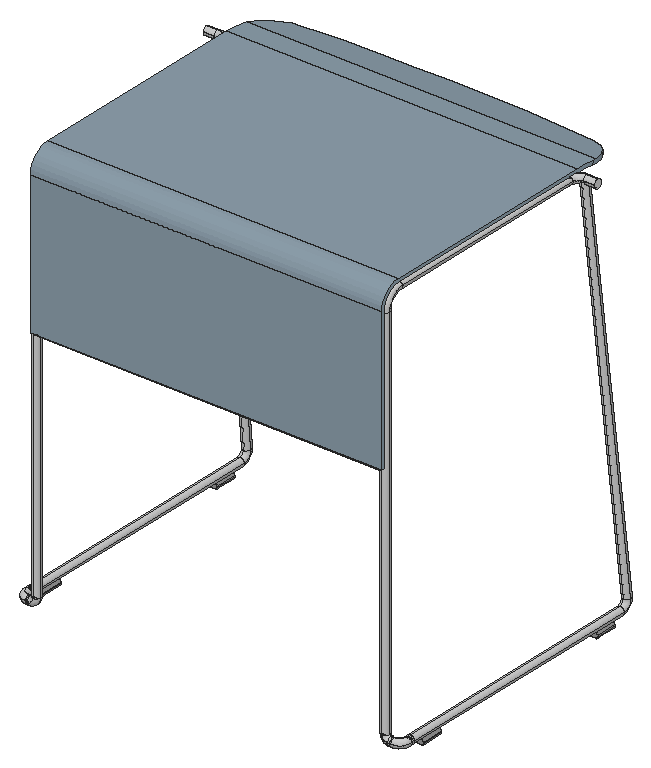
Revit family "FU_Table_Sandler_HDS Desk 24", category Furniture, Revit 2020
Family settings
  OmniClass Number = 23.40.20.00
  OmniClass Title = General Furniture and Specialties
  Work Plane-Based = No
  Always vertical = Yes
  Cut with Voids When Loaded = No
  Shared = No
  Room Calculation Point = No
Parameters (values of type "HDS Desk24")
  Width = 690 mm
  URL = "https://www.sandlerseating.com/product/hds-desk24/"
  Model = "HDS Desk24"
  Manufacturer = "Sandler"
  Height = 730 mm
  Frame [instance] = Metal - Chrome - Polished
  Top [instance] = POLYOLEFIN - Blue Grey
  Description = "HDS High Density Stacking Desk with metal frame and tops in HPL Laminate, Fenix Laminate or Natural Oak or Walnut. The desk stacks up to 30 on a trolley"
  Depth = 540 mm
  Default Elevation = 0 mm
Reference planes
  plane 1 "Center (Front/Back)": y = 0
  plane 2: z = 0
  plane 3 "Center (Left/Right)": x = 0
  plane 4 "Right": x = -345
  plane 5 "Left": x = 345
  plane 6 "Front": y = -270
  plane 7 "Back": y = 270
  plane 8: z = 730
  plane 9 "Top Right Edge": x = -309.433
  plane 10 "bottom Edge Top": z = 444.756
  plane 11 "frame base": z = 14.598
  plane 12 "back leg tilt": through (323.138, -1524, 699.503) normal (0.9998, 0, 0.0175)
  plane 13 "frame top center RIGHT": z = 719.878
  plane 14: through (4267.2, 237.061, 44.053) normal (0, -0.9938, -0.1116)
  plane 15 "front leg C Right": y = -259.951
  plane 16 "Front leg left": x = 307.37
  plane 17: y = 161.579
  plane 18: z = 24.914
  plane 19 "base frame c TOP": x = 335.221
Forms (mm)
  Sweep 1, solid, material "POLYOLEFIN - Blue Grey" <- "Top"
    path origin (0, -270, 0) x (-1, 0, 0) y (0, 0, 1)
      loop
        line (309.433, 444.756) -> (-309.42, 444.756)
    profile "Pro HDS top : Pro HDS top" origin (-0.007, -270, 444.756) x (0, 0, -1) y (0, 1, 0)
      loop
        line (0, 0) -> (0, 5.816) -> (-248.208, 5.816)
        arc (-248.208, 5.816) -> (-270.56, 15.075) -> (-279.819, 37.428) r 31.611
        line (-279.819, 37.428) -> (-279.819, 425.802)
        arc (-279.819, 425.802) -> (-279.274, 449.826) -> (-276.303, 473.671) r 237.514
        arc (-276.303, 473.671) -> (-269.969, 506.325) -> (-262.523, 538.742) r 973.924
        line (-262.523, 538.742) -> (-268.265, 540.165)
        arc (-268.265, 540.165) -> (-275.912, 507.042) -> (-282.398, 473.671) r 973.924
        arc (-282.398, 473.671) -> (-285.103, 453.128) -> (-286.007, 432.428) r 237.514
        line (-286.007, 432.428) -> (-286.007, 36.5)
        arc (-286.007, 36.5) -> (-275.316, 10.691) -> (-249.507, 0) r 36.5
        line (-249.507, 0) -> (0, 0)
  Extrusion 2, void
    sketch origin (0, 0, 0) x (1, 0, 0) y (0, 1, 0)
      loop
        arc (-309.433, 179.737) -> (-307.63, 205.776) -> (-297.836, 229.97) r 83.075
        arc (-297.836, 229.97) -> (-280.35, 248.371) -> (-256.739, 257.69) r 58.818
        arc (-256.739, 257.69) -> (-222.029, 262.284) -> (-187.122, 265.007) r 652.14
        arc (-187.122, 265.007) -> (-93.597, 268.875) -> (0, 270.165) r 3397.089
        arc (0, 270.165) -> (93.597, 268.875) -> (187.122, 265.007) r 3397.089
        arc (187.122, 265.007) -> (222.029, 262.284) -> (256.739, 257.69) r 652.14
        arc (256.739, 257.69) -> (280.35, 248.371) -> (297.836, 229.97) r 58.818
        arc (297.836, 229.97) -> (307.63, 205.776) -> (309.433, 179.737) r 83.075
        line (309.433, 179.737) -> (419.433, 179.737) -> (419.433, 360) -> (0, 360) -> (-419.433, 360) -> (-419.433, 179.737) -> (-309.433, 179.737)
    from 681.006 to 767.108
  Sweep 3, solid, material "Metal - Chrome - Polished" <- "Frame"
    path in 3D
      loop
        line (322.808, 160, 718.424) -> (334.802, 237.2, 31.273)
        arc (334.802, 237.2, 31.273) -> (335.006, 233.477, 19.603) -> (335.093, 222.294, 14.601) r 15
        line (335.093, 222.294, 14.601) -> (335.093, -244.893, 14.601)
    profile "Profile_Circles : 14mm" origin (328.805, 198.6, 374.848) x (-0.001948, 0.99375, 0.111611) y (0.999848, 0, 0.017452)
      loop
        arc (0, 7.006) -> (-4.954, 4.955) -> (-7.003, 0) r 7
        arc (-7.003, 0) -> (-4.948, -4.949) -> (0.004, -6.994) r 7
        arc (0.004, -6.994) -> (4.949, -4.941) -> (6.997, 0.007) r 7
        arc (6.997, 0.007) -> (4.947, 4.955) -> (0, 7.006) r 7
  Sweep 4, solid, material "Metal - Chrome - Polished" <- "Frame"
    path in 3D
      loop
        line (307.37, 143.457, 719.878) -> (307.37, -231.951, 719.878)
        arc (307.37, -231.951, 719.878) -> (307.37, -251.75, 711.677) -> (307.37, -259.951, 691.878) r 28
        line (307.37, -259.951, 691.878) -> (307.37, -259.951, 24.914)
    profile "Profile_Circles : 14mm" origin (307.37, -44.247, 719.878) x (0, 0, -1) y (1, 0, 0)
      loop
        arc (0, 7.006) -> (-4.954, 4.955) -> (-7.003, 0) r 7
        arc (-7.003, 0) -> (-4.948, -4.949) -> (0.004, -6.994) r 7
        arc (0.004, -6.994) -> (4.949, -4.941) -> (6.997, 0.007) r 7
        arc (6.997, 0.007) -> (4.947, 4.955) -> (0, 7.006) r 7
  Sweep 5, solid, material "Metal - Chrome - Polished" <- "Frame"
    path in 3D
      loop
        line (345, 161.579, 719.878) -> (325.355, 161.579, 719.878)
        arc (325.355, 161.579, 719.878) -> (312.638, 156.311, 719.878) -> (307.37, 143.594, 719.878) r 17.985
        line (307.37, 143.594, 719.878) -> (307.37, 142.091, 719.878)
    profile "Profile_Circles : 14mm" origin (335.178, 161.579, 719.878) x (0, -1, 0) y (0, 0, 1)
      loop
        arc (0, 7.006) -> (-4.954, 4.955) -> (-7.003, 0) r 7
        arc (-7.003, 0) -> (-4.948, -4.949) -> (0.004, -6.994) r 7
        arc (0.004, -6.994) -> (4.949, -4.941) -> (6.997, 0.007) r 7
        arc (6.997, 0.007) -> (4.947, 4.955) -> (0, 7.006) r 7
  Sweep 6, solid, material "Metal - Chrome - Polished" <- "Frame"
    path origin (0, -259.951, 0) x (0, 0, -1) y (1, 0, 0)
      loop
        line (-444.756, -307.407) -> (-444.756, 307.393)
    profile "Profile_Circles : 14mm" origin (-0.007, -259.951, 444.756) x (0, 0, 1) y (0, -1, 0)
      loop
        arc (0, 7.006) -> (-4.954, 4.955) -> (-7.003, 0) r 7
        arc (-7.003, 0) -> (-4.948, -4.949) -> (0.004, -6.994) r 7
        arc (0.004, -6.994) -> (4.949, -4.941) -> (6.997, 0.007) r 7
        arc (6.997, 0.007) -> (4.947, 4.955) -> (0, 7.006) r 7
  Sweep 7, solid, material "Metal - Chrome - Polished" <- "Frame"
    path origin (0, 0, 14.598) x (0, -1, 0) y (1, 0, 0)
      loop
        arc (259.951, 321.221) -> (255.85, 331.121) -> (245.951, 335.221) r 14
        line (245.951, 335.221) -> (239.951, 335.221)
    profile "Profile_Circles : 14mm" origin (335.221, -242.951, 14.598) x (-1, 0, 0) y (0, 0, 1)
      loop
        arc (0, 7.006) -> (-4.954, 4.955) -> (-7.003, 0) r 7
        arc (-7.003, 0) -> (-4.948, -4.949) -> (0.004, -6.994) r 7
        arc (0.004, -6.994) -> (4.949, -4.941) -> (6.997, 0.007) r 7
        arc (6.997, 0.007) -> (4.947, 4.955) -> (0, 7.006) r 7
  Sweep 8, solid, material "Metal - Chrome - Polished" <- "Frame"
    path origin (0, -259.951, 0) x (0, 0, -1) y (1, 0, 0)
      loop
        line (-26.62, 307.377) -> (-24.62, 307.377)
        arc (-24.62, 307.377) -> (-17.549, 310.306) -> (-14.62, 317.377) r 10
        line (-14.62, 317.377) -> (-14.62, 321.296)
    profile "Profile_Circles : 14mm" origin (307.377, -259.951, 25.62) x (1, 0, 0) y (0, -1, 0)
      loop
        arc (0, 7.006) -> (-4.954, 4.955) -> (-7.003, 0) r 7
        arc (-7.003, 0) -> (-4.948, -4.949) -> (0.004, -6.994) r 7
        arc (0.004, -6.994) -> (4.949, -4.941) -> (6.997, 0.007) r 7
        arc (6.997, 0.007) -> (4.947, 4.955) -> (0, 7.006) r 7
  Sweep 9, solid, material "Metal - Chrome - Polished" <- "Frame"
    path in 3D
      loop
        line (-322.808, 160, 718.424) -> (-334.802, 237.2, 31.273)
        arc (-334.802, 237.2, 31.273) -> (-335.006, 233.477, 19.603) -> (-335.093, 222.294, 14.601) r 15
        line (-335.093, 222.294, 14.601) -> (-335.093, -244.893, 14.601)
    profile "Profile_Circles : 14mm" origin (-328.805, 198.6, 374.848) x (-0.001948, -0.99375, -0.111611) y (-0.999848, 0, 0.017452)
      loop
        arc (0, 7.006) -> (-4.954, 4.955) -> (-7.003, 0) r 7
        arc (-7.003, 0) -> (-4.948, -4.949) -> (0.004, -6.994) r 7
        arc (0.004, -6.994) -> (4.949, -4.941) -> (6.997, 0.007) r 7
        arc (6.997, 0.007) -> (4.947, 4.955) -> (0, 7.006) r 7
  Sweep 10, solid, material "Metal - Chrome - Polished" <- "Frame"
    path in 3D
      loop
        line (-307.37, 143.457, 719.878) -> (-307.37, -231.951, 719.878)
        arc (-307.37, -231.951, 719.878) -> (-307.37, -251.75, 711.677) -> (-307.37, -259.951, 691.878) r 28
        line (-307.37, -259.951, 691.878) -> (-307.37, -259.951, 24.914)
    profile "Profile_Circles : 14mm" origin (-307.37, -44.247, 719.878) x (0, 0, 1) y (-1, 0, 0)
      loop
        arc (0, 7.006) -> (-4.954, 4.955) -> (-7.003, 0) r 7
        arc (-7.003, 0) -> (-4.948, -4.949) -> (0.004, -6.994) r 7
        arc (0.004, -6.994) -> (4.949, -4.941) -> (6.997, 0.007) r 7
        arc (6.997, 0.007) -> (4.947, 4.955) -> (0, 7.006) r 7
  Sweep 11, solid, material "Metal - Chrome - Polished" <- "Frame"
    path in 3D
      loop
        line (-345, 161.579, 719.878) -> (-325.355, 161.579, 719.878)
        arc (-325.355, 161.579, 719.878) -> (-312.638, 156.311, 719.878) -> (-307.37, 143.594, 719.878) r 17.985
        line (-307.37, 143.594, 719.878) -> (-307.37, 142.091, 719.878)
    profile "Profile_Circles : 14mm" origin (-335.178, 161.579, 719.878) x (0, 1, 0) y (0, 0, 1)
      loop
        arc (0, 7.006) -> (-4.954, 4.955) -> (-7.003, 0) r 7
        arc (-7.003, 0) -> (-4.948, -4.949) -> (0.004, -6.994) r 7
        arc (0.004, -6.994) -> (4.949, -4.941) -> (6.997, 0.007) r 7
        arc (6.997, 0.007) -> (4.947, 4.955) -> (0, 7.006) r 7
  Sweep 12, solid, material "Metal - Chrome - Polished" <- "Frame"
    path origin (0, 0, 14.598) x (0, -1, 0) y (-1, 0, 0)
      loop
        arc (259.951, 321.221) -> (255.85, 331.121) -> (245.951, 335.221) r 14
        line (245.951, 335.221) -> (239.951, 335.221)
    profile "Profile_Circles : 14mm" origin (-335.221, -242.951, 14.598) x (-1, 0, 0) y (0, 0, 1)
      loop
        arc (0, 7.006) -> (-4.947, 4.955) -> (-6.997, 0.007) r 7
        arc (-6.997, 0.007) -> (-4.949, -4.941) -> (-0.004, -6.994) r 7
        arc (-0.004, -6.994) -> (4.948, -4.949) -> (7.003, 0) r 7
        arc (7.003, 0) -> (4.954, 4.955) -> (0, 7.006) r 7
  Sweep 13, solid, material "Metal - Chrome - Polished" <- "Frame"
    path origin (0, -259.951, 0) x (0, 0, -1) y (-1, 0, 0)
      loop
        line (-26.62, 307.377) -> (-24.62, 307.377)
        arc (-24.62, 307.377) -> (-17.549, 310.306) -> (-14.62, 317.377) r 10
        line (-14.62, 317.377) -> (-14.62, 321.296)
    profile "Profile_Circles : 14mm" origin (-307.377, -259.951, 25.62) x (1, 0, 0) y (0, -1, 0)
      loop
        arc (0, 7.006) -> (-4.947, 4.955) -> (-6.997, 0.007) r 7
        arc (-6.997, 0.007) -> (-4.949, -4.941) -> (-0.004, -6.994) r 7
        arc (-0.004, -6.994) -> (4.948, -4.949) -> (7.003, 0) r 7
        arc (7.003, 0) -> (4.954, 4.955) -> (0, 7.006) r 7
  Extrusion 14, solid, material "Rubber, Black"
    sketch origin (4.153, -259.951, 0) x (0, 0, -1) y (1, 0, 0)
      loop
        arc (-2.168, 323.337) -> (-0.635, 323.972) -> (0, 325.505) r 2.168
        line (0, 325.505) -> (0, 336.632)
        arc (0, 336.632) -> (-0.639, 338.176) -> (-2.182, 338.815) r 2.182
        line (-2.182, 338.815) -> (-4.342, 338.815) -> (-10.782, 336.066) -> (-10.782, 326.08) -> (-4.342, 323.337) -> (-2.168, 323.337)
    from -77.904 to -39.513
  Extrusion 15, solid, material "Rubber, Black"
    sketch origin (4.153, 259.951, 0) x (0, 0, -1) y (-1, 0, 0)
      loop
        line (-2.168, -323.337) -> (-4.342, -323.337) -> (-10.782, -326.08) -> (-10.782, -336.066) -> (-4.342, -338.815) -> (-2.182, -338.815)
        arc (-2.182, -338.815) -> (-0.639, -338.176) -> (0, -336.632) r 2.182
        line (0, -336.632) -> (0, -325.505)
        arc (0, -325.505) -> (-0.635, -323.972) -> (-2.168, -323.337) r 2.168
    from -97.115 to -58.724
  Extrusion 16, solid, material "Rubber, Black"
    sketch origin (-4.153, -259.951, 0) x (0, 0, -1) y (1, 0, 0)
      loop
        line (-2.168, -323.337) -> (-4.342, -323.337) -> (-10.782, -326.08) -> (-10.782, -336.066) -> (-4.342, -338.815) -> (-2.182, -338.815)
        arc (-2.182, -338.815) -> (-0.639, -338.176) -> (0, -336.632) r 2.182
        line (0, -336.632) -> (0, -325.505)
        arc (0, -325.505) -> (-0.635, -323.972) -> (-2.168, -323.337) r 2.168
    from -77.904 to -39.513
  Extrusion 17, solid, material "Rubber, Black"
    sketch origin (-4.153, 259.951, 0) x (0, 0, -1) y (-1, 0, 0)
      loop
        arc (-2.168, 323.337) -> (-0.635, 323.972) -> (0, 325.505) r 2.168
        line (0, 325.505) -> (0, 336.632)
        arc (0, 336.632) -> (-0.639, 338.176) -> (-2.182, 338.815) r 2.182
        line (-2.182, 338.815) -> (-4.342, 338.815) -> (-10.782, 336.066) -> (-10.782, 326.08) -> (-4.342, 323.337) -> (-2.168, 323.337)
    from -97.115 to -58.724
Cuts and joins
  Extrusion 2 cuts Sweep 1
Lines and regions (mm)
  sketch lines
    curve 1: line (322.808, 160, 718.424) -> (334.802, 237.2, 31.273)
    curve 2: arc (335.093, 222.294, 14.601) -> (335.006, 233.477, 19.603) -> (334.802, 237.2, 31.273) r 15
    curve 3: line (335.093, 222.294, 14.601) -> (335.093, -244.893, 14.601)
    curve 4: line (307.37, 143.457, 719.878) -> (307.37, -231.951, 719.878)
    curve 5: arc (307.37, -259.951, 691.878) -> (307.37, -251.75, 711.677) -> (307.37, -231.951, 719.878) r 28
    curve 6: line (307.37, -259.951, 691.878) -> (307.37, -259.951, 24.914)
    curve 7: line (345, 161.579, 719.878) -> (325.355, 161.579, 719.878)
    curve 8: arc (325.355, 161.579, 719.878) -> (312.638, 156.311, 719.878) -> (307.37, 143.594, 719.878) r 17.985
    curve 9: line (307.37, 143.594, 719.878) -> (307.37, 142.091, 719.878)
    curve 10: line (-322.808, 160, 718.424) -> (-334.802, 237.2, 31.273)
    curve 11: arc (-335.093, 222.294, 14.601) -> (-335.006, 233.477, 19.603) -> (-334.802, 237.2, 31.273) r 15
    curve 12: line (-335.093, 222.294, 14.601) -> (-335.093, -244.893, 14.601)
    curve 13: line (-307.37, 143.457, 719.878) -> (-307.37, -231.951, 719.878)
    curve 14: arc (-307.37, -259.951, 691.878) -> (-307.37, -251.75, 711.677) -> (-307.37, -231.951, 719.878) r 28
    curve 15: line (-307.37, -259.951, 691.878) -> (-307.37, -259.951, 24.914)
    curve 16: line (-345, 161.579, 719.878) -> (-325.355, 161.579, 719.878)
    curve 17: arc (-325.355, 161.579, 719.878) -> (-312.638, 156.311, 719.878) -> (-307.37, 143.594, 719.878) r 17.985
    curve 18: line (-307.37, 143.594, 719.878) -> (-307.37, 142.091, 719.878)
Dimensions and locks
  equal spacing: plane 4 "Right", plane 3 "Center (Left/Right)", plane 5 "Left"
  "Width": plane 4 "Right" to plane 5 "Left"
  equal spacing: plane 7 "Back", plane 1 "Center (Front/Back)", plane 6 "Front"
  "Depth": plane 7 "Back" to plane 6 "Front"
  "Height": plane 8 to level
  aligned and locked: level to plane 2
Automatic sketch dimensions
  Sweep 1 sketch curve to plane 10 "bottom Edge Top" = 0 mm
  plane 9 "Top Right Edge" to Sweep 1 sketch curve = 0 mm
  plane 16 "Front leg left" to Sweep 1 sketch curve = 2.05 mm
  Extrusion 2 sketch curve to Extrusion 2 sketch curve = 0 mm  (x5)
  Extrusion 2 sketch curve to plane 9 "Top Right Edge" = 0 mm
  Extrusion 2 sketch curve to plane 3 "Center (Left/Right)" = 0 mm  (x2)
  Extrusion 2 sketch curve to plane 4 "Right" = 74.433 mm
  Extrusion 2 sketch curve to plane 9 "Top Right Edge" = 61.973 mm
  Extrusion 2 sketch curve to Extrusion 2 sketch curve = 20.776 mm  (x2)
  Extrusion 2 sketch curve to plane 6 "Front" = 116.284 mm  (x2)
  Extrusion 2 sketch curve to plane 3 "Center (Left/Right)" = 153.861 mm
  Extrusion 2 sketch curve to plane 16 "Front leg left" = 153.509 mm
  Extrusion 2 sketch curve to plane 17 = 25.509 mm  (x2)
  Extrusion 2 sketch curve to plane 16 "Front leg left" = 80.686 mm
  plane 16 "Front leg left" to Extrusion 2 sketch curve = 2.063 mm
  Extrusion 2 sketch curve to plane 17 = 18.158 mm  (x2)
  plane 5 "Left" to Extrusion 2 sketch curve = 74.433 mm
  Extrusion 2 sketch curve to Extrusion 2 sketch curve = 2740.64 mm
  Extrusion 2 sketch curve to Extrusion 2 sketch curve = 12.521 mm  (x2)
  plane 7 "Back" to Extrusion 2 sketch curve = 90 mm
  Extrusion 2 sketch curve to plane 7 "Back" = 4.993 mm  (x2)
  Sweep 6 sketch curve to plane 10 "bottom Edge Top" = 0 mm
  Sweep 6 sketch curve to plane 9 "Top Right Edge" = 2.027 mm
  plane 16 "Front leg left" to Sweep 6 sketch curve = 0.023 mm
  Sweep 7 sketch curve to plane 19 "base frame c TOP" = 0 mm
  plane 15 "front leg C Right" to Sweep 7 sketch curve = 0 mm
  Sweep 7 sketch curve to plane 15 "front leg C Right" = 14 mm
  Sweep 7 sketch curve to Sweep 7 sketch curve = 6 mm
  Sweep 8 sketch curve to plane 18 = 0.293 mm
  plane 11 "frame base" to Sweep 8 sketch curve = 0.022 mm
  plane 16 "Front leg left" to Sweep 8 sketch curve = 0.007 mm
  plane 18 to Sweep 8 sketch curve = 1.707 mm
  Sweep 8 sketch curve to Sweep 8 sketch curve = 3.919 mm
  plane 15 "front leg C Right" to Sweep 12 sketch curve = 0 mm
  Sweep 12 sketch curve to plane 4 "Right" = 9.779 mm
  plane 15 "front leg C Right" to Sweep 12 sketch curve = 14 mm
  Sweep 12 sketch curve to Sweep 12 sketch curve = 6 mm
  plane 18 to Sweep 13 sketch curve = 0.293 mm
  Sweep 13 sketch curve to plane 11 "frame base" = 0.022 mm
  plane 9 "Top Right Edge" to Sweep 13 sketch curve = 2.057 mm
  Sweep 13 sketch curve to plane 18 = 1.707 mm
  Sweep 13 sketch curve to Sweep 13 sketch curve = 3.919 mm
  Extrusion 14 sketch curve to level = 0 mm
  level to Extrusion 14 sketch curve = 2.168 mm
  level to Extrusion 14 sketch curve = 2.182 mm
  Extrusion 14 sketch curve to Extrusion 14 sketch curve = 2.174 mm
  Extrusion 14 sketch curve to plane 5 "Left" = 2.032 mm
  Extrusion 14 sketch curve to Extrusion 14 sketch curve = 2.16 mm
  Extrusion 14 sketch curve to plane 11 "frame base" = 3.816 mm
  Extrusion 14 sketch curve to plane 5 "Left" = 4.781 mm
  Extrusion 14 sketch curve to plane 19 "base frame c TOP" = 4.989 mm
  Extrusion 14 sketch curve to plane 19 "base frame c TOP" = 5.564 mm
  Extrusion 15 sketch curve to level = 0 mm
  level to Extrusion 15 sketch curve = 2.168 mm
  level to Extrusion 15 sketch curve = 2.182 mm
  Extrusion 15 sketch curve to Extrusion 15 sketch curve = 2.174 mm
  Extrusion 15 sketch curve to plane 5 "Left" = 2.032 mm
  Extrusion 15 sketch curve to Extrusion 15 sketch curve = 2.16 mm
  Extrusion 15 sketch curve to plane 11 "frame base" = 3.816 mm
  Extrusion 15 sketch curve to plane 5 "Left" = 4.781 mm
  Extrusion 15 sketch curve to plane 19 "base frame c TOP" = 4.989 mm
  Extrusion 15 sketch curve to plane 19 "base frame c TOP" = 5.564 mm
  Extrusion 16 sketch curve to level = 0 mm
  level to Extrusion 16 sketch curve = 2.168 mm
  level to Extrusion 16 sketch curve = 2.182 mm
  Extrusion 16 sketch curve to Extrusion 16 sketch curve = 2.174 mm
  plane 4 "Right" to Extrusion 16 sketch curve = 2.032 mm
  Extrusion 16 sketch curve to Extrusion 16 sketch curve = 2.16 mm
  Extrusion 16 sketch curve to plane 11 "frame base" = 3.816 mm
  plane 4 "Right" to Extrusion 16 sketch curve = 4.781 mm
  Extrusion 16 sketch curve to Extrusion 16 sketch curve = 9.986 mm
  Extrusion 16 sketch curve to Extrusion 16 sketch curve = 0.575 mm
  Extrusion 17 sketch curve to level = 0 mm
  level to Extrusion 17 sketch curve = 2.168 mm
  level to Extrusion 17 sketch curve = 2.182 mm
  Extrusion 17 sketch curve to Extrusion 17 sketch curve = 2.174 mm
  plane 4 "Right" to Extrusion 17 sketch curve = 2.032 mm
  Extrusion 17 sketch curve to Extrusion 17 sketch curve = 2.16 mm
  Extrusion 17 sketch curve to plane 11 "frame base" = 3.816 mm
  plane 4 "Right" to Extrusion 17 sketch curve = 4.781 mm
  Extrusion 17 sketch curve to Extrusion 17 sketch curve = 9.986 mm
  Extrusion 17 sketch curve to Extrusion 17 sketch curve = 0.575 mm
